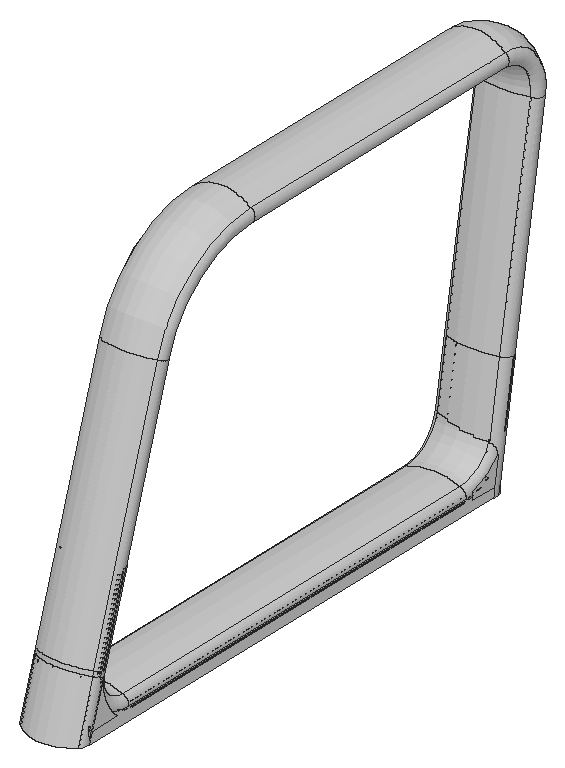
Revit family "FU_Modular_Sandler_Lin 1220", category Furniture, Revit 2022
Family settings
  OmniClass Number = 23.40.20.00
  OmniClass Title = General Furniture and Specialties
  Work Plane-Based = No
  Always vertical = Yes
  Cut with Voids When Loaded = No
  Render Appearance Source = Family Geometry
  Shared = No
  Room Calculation Point = No
Parameters (values of type "Lin Tapiz 1220")
  Width = 36.602 mm
  URL = "https://www.sandlerseating.com/product/lin-tapiz-1220/"
  Model = "Lin Tapiz 1220"
  Manufacturer = "Sandler"
  Height = 627.456 mm
  Description = "Intermediate arm for Lin Bench made of injected aluminum alloy.\r\nGreenguard Gold-certified to protect indoor air quality."
  Arm [instance] = Metal - Chrome - Polished
  Depth = 557.5 mm
  Default Elevation = 0 mm
Reference planes
  plane 1 "Center (Front/Back)": y = 0
  plane 2: z = 0
  plane 3 "Center (Left/Right)": x = 0
  plane 4 "Right": x = -18.301
  plane 5 "Left": x = 18.301
  plane 6 "Back": y = 278.75
  plane 7 "Front": y = -278.75
  plane 8 "Height": z = 627.456
  plane 9 "Arm Base": z = 407.456
  plane 10 "Arm Front RIGHT": through (4267.2, -265.722, 36.607) normal (0, -0.9483, 0.3173)
  plane 11 "Arm Back Right": through (4267.2, 151.703, 448.951) normal (0, -0.9847, 0.1745)
Forms (mm)
  Sweep 1, solid, material "Metal - Chrome - Polished" <- "Arm"
    path origin (0, 0, 0) x (0, 1, 0) y (0, 0, 1)
      loop
        arc (122.538, 414.472) -> (140.206, 420.898) -> (149.616, 437.174) r 27.5
        line (149.616, 437.174) -> (177.25, 593.118)
        arc (177.25, 593.118) -> (171.792, 613.542) -> (152.634, 622.481) r 25
        line (152.634, 622.481) -> (-25.342, 622.481)
        arc (-25.342, 622.481) -> (-64.077, 609.919) -> (-88.067, 577.016) r 66
        line (-88.067, 577.016) -> (-132.696, 440.695)
        arc (-132.696, 440.695) -> (-129.882, 422.734) -> (-113.689, 414.472) r 20
        line (-113.689, 414.472) -> (122.538, 414.472)
    profile "Pro_Leg Side : Pro_Leg Side" origin (0, 4.425, 414.472) x (0, 0, -1) y (1, 0, 0)
      loop
        arc (2.77, 15.999) -> (-1.819, 17.731) -> (-5.681, 14.706) r 5
        arc (-5.681, 14.706) -> (-8.675, -0.25) -> (-5.727, -15.215) r 39.151
        arc (-5.727, -15.215) -> (-1.875, -18.252) -> (2.72, -16.534) r 5
        arc (2.72, -16.534) -> (8.671, -0.277) -> (2.77, 15.999) r 25.286
  Sweep 2, solid, material "Metal - Chrome - Polished" <- "Arm"
    path origin (0, 1.146, 1.108) x (0, 1, 0) y (0, 0, 1)
      loop
        line (-142.243, 414.472) -> (144.644, 414.472)
    profile "Pro_Leg Top : Pro_Leg Top" origin (0, 2.346, 415.58) x (0, 0, 1) y (1, 0, 0)
      loop
        arc (3.116, 15.59) -> (2.133, 17.067) -> (0.488, 17.73) r 3.001
        arc (0.488, 17.73) -> (-13.58, 18.071) -> (-27.591, 16.756) r 119.5
        arc (-27.591, 16.756) -> (-36.139, 15.121) -> (-44.545, 12.869) r 119.5
        spline (-44.545, 12.869) -> (-49.137, 11.361) -> (-53.094, 9.519) -> (-56.3, 7.396) -> (-58.66, 5.055) -> (-60.104, 2.565) -> (-60.59, 0) -> (-60.104, -2.565) -> (-58.66, -5.055) -> (-56.3, -7.396) -> (-53.094, -9.519) -> (-49.137, -11.361) -> (-44.545, -12.869)
        arc (-44.545, -12.869) -> (-36.139, -15.121) -> (-27.591, -16.756) r 119.5
        arc (-27.591, -16.756) -> (-13.58, -18.071) -> (0.488, -17.73) r 119.5
        arc (0.488, -17.73) -> (2.237, -16.978) -> (3.182, -15.324) r 3.001
        arc (3.182, -15.324) -> (5.371, 0.138) -> (3.116, 15.59) r 54.886
  Sweep 3, solid, material "Metal - Chrome - Polished" <- "Arm"
    path origin (0, -0.584, 0.223) x (0, 1, 0) y (0, 0, 1)
      loop
        line (142.227, 393.307) -> (156.185, 472.08)
    profile "Pro_Leg Side : Pro_Leg Side" origin (0, 148.622, 432.917) x (0, -0.98466, 0.174484) y (1, 0, 0)
      loop
        arc (-2.77, -15.999) -> (1.819, -17.731) -> (5.681, -14.706) r 5
        arc (5.681, -14.706) -> (8.675, 0.25) -> (5.727, 15.215) r 39.151
        arc (5.727, 15.215) -> (1.875, 18.252) -> (-2.72, 16.534) r 5
        arc (-2.72, 16.534) -> (-8.671, 0.277) -> (-2.77, -15.999) r 25.286
  Sweep 4, solid, material "Metal - Chrome - Polished" <- "Arm"
    path origin (0, -1.228, -0.234) x (0, 1, 0) y (0, 0, 1)
      loop
        line (-147.865, 390.059) -> (-116.303, 486.466)
    profile "Pro_Leg Side : Pro_Leg Side" origin (0, -133.312, 438.029) x (0, -0.950365, 0.311137) y (1, 0, 0)
      loop
        arc (2.77, 15.999) -> (-1.819, 17.731) -> (-5.681, 14.706) r 5
        arc (-5.681, 14.706) -> (-8.675, -0.25) -> (-5.727, -15.215) r 39.151
        arc (-5.727, -15.215) -> (-1.875, -18.252) -> (2.72, -16.534) r 5
        arc (2.72, -16.534) -> (8.671, -0.277) -> (2.77, 15.999) r 25.286
  Extrusion 5, void
    sketch origin (0, 0, 0) x (0, 1, 0) y (0, 0, 1)
      loop
        line (-196.207, 407.456) -> (-196.207, 352.456) -> (183.793, 352.456) -> (183.793, 407.456) -> (-196.207, 407.456)
    from -20 to 20
  Extrusion 6, solid, material "Metal - Chrome - Polished" <- "Arm"
    sketch origin (0, 0, 0) x (0, 1, 0) y (0, 0, 1)
      loop
        line (-139.561, 413.663) -> (-121.707, 413.663)
        arc (-121.707, 413.663) -> (-129.579, 423.809) -> (-131.943, 436.431) r 27.311
        line (-131.943, 436.431) -> (-139.561, 413.663)
    from -18 to 18
  Extrusion 7, solid, material "Metal - Chrome - Polished" <- "Arm"
    sketch origin (0, 0, 0) x (0, 1, 0) y (0, 0, 1)
      loop
        line (127.379, 416.844) -> (127.379, 412.442) -> (145.234, 412.442) -> (149.022, 433.817)
        arc (149.022, 433.817) -> (140.056, 422.964) -> (127.379, 416.844) r 32.951
    from -18 to 18
Cuts and joins
  Extrusion 5 cuts Sweep 4
  Extrusion 5 cuts Sweep 1
  Extrusion 5 cuts Sweep 2
  Extrusion 5 cuts Sweep 3
Dimensions and locks
  equal spacing: plane 4 "Right", plane 3 "Center (Left/Right)", plane 5 "Left"
  "Width": plane 4 "Right" to plane 5 "Left"
  equal spacing: plane 6 "Back", plane 1 "Center (Front/Back)", plane 7 "Front"
  "Depth": plane 6 "Back" to plane 7 "Front"
  plane 8 "Height" to plane 9 "Arm Base" = 220 mm
  plane 9 "Arm Base" to level = 407.456 mm
  aligned and locked: level to plane 2
Automatic sketch dimensions
  Sweep 1 sketch curve to plane 11 "Arm Back Right" = 0 mm  (x2)
  plane 9 "Arm Base" to Sweep 1 sketch curve = 33.239 mm
  plane 1 "Center (Front/Back)" to Sweep 1 sketch curve = 132.696 mm
  Sweep 1 sketch curve to Sweep 1 sketch curve = 19.007 mm
  plane 1 "Center (Front/Back)" to Sweep 1 sketch curve = 88.067 mm
  Sweep 1 sketch curve to plane 8 "Height" = 4.975 mm
  plane 1 "Center (Front/Back)" to Sweep 1 sketch curve = 25.342 mm
  plane 9 "Arm Base" to Sweep 1 sketch curve = 7.016 mm
  Sweep 1 sketch curve to plane 1 "Center (Front/Back)" = 122.538 mm
  plane 9 "Arm Base" to Sweep 1 sketch curve = 29.718 mm
  Sweep 1 sketch curve to plane 6 "Back" = 126.116 mm
  Sweep 1 sketch curve to plane 8 "Height" = 34.338 mm
  Sweep 1 sketch curve to Sweep 1 sketch curve = 66 mm
  Sweep 3 sketch curve to plane 9 "Arm Base" = 13.925 mm
  Sweep 3 sketch curve to plane 6 "Back" = 137.107 mm
  Sweep 3 sketch curve to Sweep 3 sketch curve = 13.959 mm
  plane 9 "Arm Base" to Sweep 3 sketch curve = 64.847 mm
  Sweep 4 sketch curve to plane 9 "Arm Base" = 17.63 mm
  plane 1 "Center (Front/Back)" to Sweep 4 sketch curve = 117.531 mm
  plane 9 "Arm Base" to Sweep 4 sketch curve = 78.776 mm
  Sweep 4 sketch curve to Sweep 4 sketch curve = 31.562 mm
  Extrusion 5 sketch curve to plane 9 "Arm Base" = 0 mm
  plane 7 "Front" to Extrusion 5 sketch curve = 82.543 mm
  Extrusion 5 sketch curve to plane 6 "Back" = 94.957 mm
  Extrusion 5 sketch curve to Extrusion 5 sketch curve = 55 mm
  Sweep 2 sketch curve to plane 11 "Arm Back Right" = 0 mm
  plane 9 "Arm Base" to Sweep 2 sketch curve = 8.124 mm
  plane 7 "Front" to Sweep 2 sketch curve = 137.652 mm
  Extrusion 6 sketch curve to plane 10 "Arm Front RIGHT" = 0 mm  (x2)
  Extrusion 6 sketch curve to Extrusion 6 sketch curve = 34.891 mm
  Extrusion 6 sketch curve to Extrusion 6 sketch curve = 21.345 mm
  Extrusion 6 sketch curve to Extrusion 6 sketch curve = 7.618 mm
  plane 9 "Arm Base" to Extrusion 6 sketch curve = 6.207 mm
  Extrusion 7 sketch curve to plane 11 "Arm Back Right" = 0 mm  (x2)
  plane 9 "Arm Base" to Extrusion 7 sketch curve = 41.437 mm
  Extrusion 7 sketch curve to plane 1 "Center (Front/Back)" = 119.722 mm
  plane 9 "Arm Base" to Extrusion 7 sketch curve = 4.986 mm
  plane 9 "Arm Base" to Extrusion 7 sketch curve = 26.36 mm
  plane 9 "Arm Base" to Extrusion 7 sketch curve = 9.388 mm
